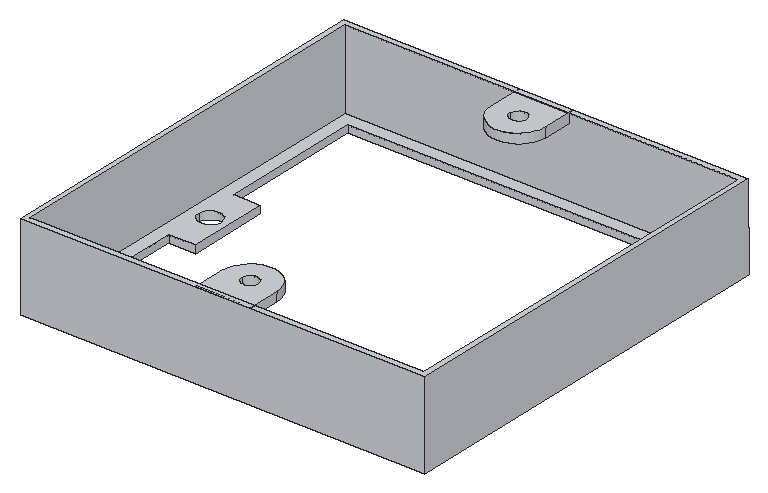
Revit family "EWS9", category Generic Models, Revit 2017
Family settings
  Can host rebar = No
  Round Connector Dimension = Use Diameter
  Part Type = Normal
  Work Plane-Based = Yes
  Always vertical = No
  Cut with Voids When Loaded = No
  Shared = No
  Room Calculation Point = No
Parameters (values of type "NBS Standard Parameters")
  Weight = "0.045Kg"
  WarrantyStartDate [instance] = "1900-12-31T23:59:59"
  WarrantyGuarantorParts = "n/a"
  WarrantyGuarantorLabor = "n/a"
  WarrantyDurationUnit = "1 year"
  WarrantyDurationParts = "n/a"
  WarrantyDurationLabor = "n/a"
  WarrantyDescription = "n/a"
  Version = "1"
  Uniclass2 = "Pr_65_72_97_84"
  TagNumber [instance] = "n/a"
  SustainabilityPerformance = "n/a"
  Size = "16mm"
  Shape = "Square"
  SerialNumber [instance] = "n/a"
  Revision = "n/a"
  ReplacementCost = "n/a"
  ProductInformation = "www.metpro.co.uk/pdf/ews9.pdf"
  NominalWidth = 75 mm
  NominalLength = 75 mm
  NominalHeight = 17 mm
  Name = ""
  NBSTypeID = ""
  NBSReference = "90-60-25/345"
  NBSOfficeMasterTag = ""
  NBSNote = ""
  NBSDescription = "Standard Socket Outlets"
  NBSCertification = ""
  ModelReference = "EWS9"
  ModelNumber = "n/a"
  Material = "Sheet Steel to Comply with BS4667"
  ManufacturerURL = "www.metpro.co.uk"
  ManufacturerName = "Metpro Ltd"
  Keynote = "Compliant to LU Standards 1-085 (For Use on Surface & Sub- Surface Locations)"
  InstallationDate [instance] = "1900-12-31T23:59:59"
  IfcExportType = ""
  IfcExportAs = ""
  Grade = "n/a"
  Finish = "Pre Galvanised"
  Features = "n/a"
  ExpectedLife = "n/a"
  DurationUnit = "year"
  Description = "EWS9 -16mm Extension Switch & Socket Box"
  Default Elevation = 1219.2 mm
  Constituents = "n/a"
  Color = "n/a"
  CodePerformance = "n/a"
  Category = "n/a"
  BarCode [instance] = "n/a"
  BIMObjectName = "Metpro_metprolibrary_standardsocketoutlets_switchandsocketboxes_metal"
  Author = "Metpro limited"
  AssetType = ""
  AssetIdentifier [instance] = "n/a"
  AccessibilityPerformance = "n/a"
Reference planes
  plane 1 "Center (Front/Back)": y = 0
  plane 2: z = 0
  plane 3 "Center (Left/Right)": x = 0
Forms (mm)
  Extrusion 1, solid
    sketch origin (257.524, -10.058, 0) x (0, 1, 0) y (-1, 0, 0)
      loop
        line (85.058, -2.839) -> (85.058, 72.161) -> (10.058, 72.161) -> (10.058, -2.839) -> (85.058, -2.839)
      loop
        line (11.058, -1.839) -> (84.058, -1.839) -> (84.058, 71.161) -> (11.058, 71.161) -> (11.058, -1.839)
    from 0 to 16
  Extrusion 2, solid
    sketch origin (257.524, -10.058, 0) x (0, 1, 0) y (-1, 0, 0)
      loop
        line (11.058, -1.839) -> (84.058, -1.839) -> (84.058, 71.161) -> (11.058, 71.161) -> (11.058, -1.839)
      loop
        line (13.558, 0.661) -> (40.058, 0.661) -> (40.058, 5.648) -> (55.058, 5.648) -> (55.058, 0.661) -> (81.558, 0.661) -> (81.558, 68.661) -> (55.058, 68.661) -> (55.058, 63.674) -> (40.058, 63.674) -> (40.058, 68.661) -> (13.558, 68.661) -> (13.558, 0.661)
      loop
        circle (47.608, 2.338) r 2.11
      loop
        circle (47.608, 66.984) r 2.11
    from 0 to 1.4
  Extrusion 3, solid
    sketch origin (257.524, -9.433, 0) x (0, 1, 0) y (-1, 0, 0)
      loop
        line (78.035, 29.661) -> (84.058, 29.661) -> (84.058, 39.661) -> (78.035, 39.661)
        arc (78.035, 39.661) -> (73.035, 34.661) -> (78.035, 29.661) r 5
      loop
        circle (78.035, 34.661) r 1.528
    from 14.243 to 16
  Extrusion 4, solid
    sketch origin (257.524, 84.433, 0) x (0, 1, 0) y (-1, 0, 0)
      loop
        arc (-78.035, 29.661) -> (-73.035, 34.661) -> (-78.035, 39.661) r 5
        line (-78.035, 39.661) -> (-84.058, 39.661) -> (-84.058, 29.661) -> (-78.035, 29.661)
      loop
        circle (-78.035, 34.661) r 1.528
    from 14.243 to 16
Dimensions and locks
  aligned and locked: level to plane 2
